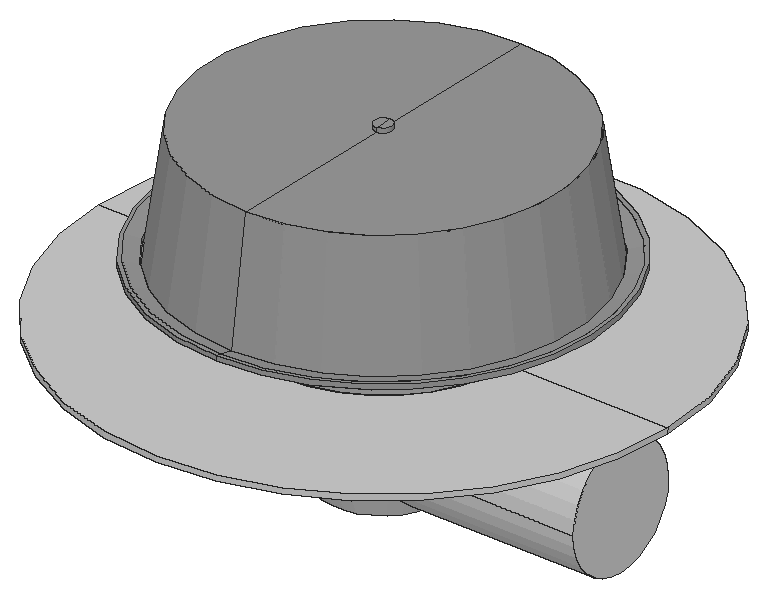
Revit family "HL_RU_Roof drain_HL64PPowerSafe-B-221103", category Instalační zařizovací předměty, Revit 2021
Family settings
  Kóta kulaté spojky = Použít průměr
  Typ dílu = Normální
  Číslo OmniClass = 23.70.50.21.24.14
  Nadpis OmniClass = Deck Waste Water Drains
  Založené na pracovní rovině = Ne
  Vždy vertikální = Ano
  Ořezat dutým tvarem při načtení = Ne
  Sdílené = Ne
  Bod výpočtu místnosti = Ano
Parameters (values of type "HL_Кровельная воронка_HL64PPowerSafe")
  РЕШЁТКА = "Laubfangkorb d 262 mm"
  РАЗМЕР = "DN75"
  ПРОПУСКНАЯ СПОСОБНОСТЬ [instance] = 0.0 L/s
  ПРОИЗВОДИТЕЛЬНОСТЬ = "l/s"
  ПРАВОВАЯ ИНФОРМАЦИЯ = "Авторские права(©), права на дизайн или какие либо другие права интелектуальной собственности являются исключительной собственностью компании HL Hutterer & Lechner. Изменению не подлежит. Файл семейства с данными о прозводителе изделия защищен паролем с водяным знаком."
  НОМИНАЛЬНЫЙ ДИАМЕТР = 75 mm
  МАТЕРИАЛ = "PP/PVC"
  ВЫСОТА МОНТАЖА = "93 mm"
  ВЕС = "3,284 [kg]"
  Výchozí výška = 0 mm
  Výrobce = "HL Hutterer & Lechner GmbH"  # constant formula
  URL = "http://www.hutterer-lechner.com/ru/products/catalog/roof-drains/HL64PPowerSafe.aspx"
  Материал плитка [instance] = none
  Přípoj ventilace = no
  Přípoj odpadních dílů = yes
  Přípoj HW = no
  Přípoj CW = no
  Popis = "Кровельные воронки"
  Model = "HL64PPowerSafe"
  Komentáře k typům = "HL64PPowerSafe, Воронка для аварийного водостока с отсекателем воздуха, с горизонтальным выпуском DN75, с корпусом из ПВХ, с возможностью регулировки толщины слоя воды."
  Keynote = "HL64PPowerSafe"
  EAN = "9003076040889"
  Bысота монтажа [instance] = 28 mm  # constant formula
  G [instance] = 90.00°  # constant formula
  D [instance] = 150 mm
  C [instance] = if(Bысота монтажа - 68 mm < 0 mm, 0 mm, Bысота монтажа - 68 mm)  # 0 mm
  B [instance] = Bысота монтажа + 55 mm  # 83 mm
  A [instance] = if(B - 100 mm > 15 mm, B - 100 mm, 15 mm)  # 15 mm
Reference planes
  plane 1 "Center (Front/Back)": y = 0
  plane 2: z = 0
  plane 3 "Center (Left/Right)": x = 0
  plane 4: z = -83
  plane 5: z = -28
Lines and regions (mm)
  model lines, style "InvisibleLines"
    curve 1: line (0, 0, 0) -> (0, 0, 20)
  model lines, style "PlumbingFixtures", detail levels coarse+medium
    curve 2: line (0, 0, -83) -> (0, 0, -68)
    curve 3: line (0, 0, -68) -> (-68, 0, 0)
    curve 4: line (0, 0, -68) -> (68, 0, 0)
    curve 6: line (0, 0, -83) -> (150, 0, -83)
  reference lines, not visible
    curve 5: line (0, 0, -83) -> (150, 0, -83)
  symbolic lines, style "PlumbingFixtures", detail levels coarse+medium
    curve 7: line (-75, 75, 0) -> (75, 75, 0)
    curve 8: line (-75, -75, 0) -> (-75, 75, 0)
    curve 9: line (75, -75, 0) -> (-75, -75, 0)
    curve 10: line (75, 75, 0) -> (75, -75, 0)
    curve 11: line (-75, 75, 0) -> (-145.711, 145.711, 0)
    curve 12: line (75, 75, 0) -> (145.711, 145.711, 0)
    curve 13: line (-75, -75, 0) -> (-145.711, -145.711, 0)
    curve 14: line (75, -75, 0) -> (145.711, -145.711, 0)
  symbolic lines, style "PlumbingFixtures", not visible, detail levels coarse+medium
    curve 15: line (-75, 75, 0) -> (75, 75, 0)
    curve 16: line (-75, -75, 0) -> (-75, 75, 0)
    curve 17: line (75, -75, 0) -> (-75, -75, 0)
    curve 18: line (75, 75, 0) -> (75, -75, 0)
    curve 19: line (-75, 75, 0) -> (-145.711, 145.711, 0)
    curve 20: line (75, 75, 0) -> (145.711, 145.711, 0)
    curve 21: line (-75, -75, 0) -> (-145.711, -145.711, 0)
    curve 22: line (75, -75, 0) -> (145.711, -145.711, 0)
Text (mm)
  text "FLOOR" at (-162.344, 0, -10.979), in view "Drain Construction View"
Dimensions and locks
  "B": plane 2 to plane 4
  "Bысота монтажа": plane 2 to plane 5
  "A": curve 4 to plane 4
  "D": curve 5 to curve 5
  "D": curve 6 to curve 6
  locked: curve 4 to plane 3 "Center (Left/Right)" (angle 45.00°)
  locked: plane 3 "Center (Left/Right)" to curve 3 (angle 45.00°)
  "G": angle curve 5 to plane 3 "Center (Left/Right)"
  aligned and locked: level to plane 2
  aligned and locked: plane 2 to curve 4
  aligned and locked: plane 2 to curve 3
  aligned and locked: plane 4 to curve 5
  aligned and locked: plane 3 "Center (Left/Right)" to curve 5
  aligned and locked: plane 4 to curve 2
  aligned and locked: plane 4 to curve 6
  aligned and locked: nested 1 to plane 5
  aligned and locked: plane 2 to nested 2
  aligned and locked: plane 3 "Center (Left/Right)" to nested 2
  aligned and locked: plane 3 "Center (Left/Right)" to nested 1
Automatic sketch dimensions
  curve 2 to plane 3 "Center (Left/Right)" = 0 mm
  curve 1 to plane 3 "Center (Left/Right)" = 0 mm
  curve 1 to level = 0 mm
  level to curve 1 = 20 mm
  curve 6 to curve 5 = 0 mm
Nested families
  nested 1: "HL_кровельные воронки - корпус_HL64PPowerSafe" at (0, 0, -28), type "HL_кровельные воронки - корпус_HL64PPowerSafe"
  nested 2: "HL_Вспомогательные материалы-Противопожарная защита_HL062.1EPowerSafe" at (0, 0, 0), Bысота монтажа <- "Bысота монтажа", type "HL_Вспомогательные материалы-Противопожарная защита_HL062.1EPowerSafe"
    with L2 158 mm, L 49 mm, IHmin 28 mm, IHmax 68 mm, Bысота монтажа 28 mm
Connectors
  piping at (150, 0, -83), diameter 75, driven by "ПРОПУСКНАЯ СПОСОБНОСТЬ", driven by "НОМИНАЛЬНЫЙ ДИАМЕТР"
    settings: on curve 5, index 1, connector inside diameter 609.6 mm, connector length 0 mm, flow factor 0, pipe flow 0.0 L/s, pressure drop 0.0 Pa, fitting loss kfactor 0, connector angle 0.00°, fixture units 0, engagement length 0 mm, angle of deflection 0.00°, flow configuration 1, flow direction 2, fitting loss method 0, system type 16, joint type 0, gender type 0, connector reference index -1, connector utility 0, adjustable connector yes, is connector primary yes, connector description ""
Definition of nested family "HL_кровельные воронки - корпус_HL64PPowerSafe"
  Parameters (values of type "HL_кровельные воронки - корпус_HL64PPowerSafe")
    НОМИНАЛЬНЫЙ ДИАМЕТР = 50 mm
    Default Elevation = 0 mm
    Manufacturer = ""
    URL = ""
    Description = ""
    Model = ""
    Type Comments = ""
    Cost = 0
  Reference planes
    plane 1 "Střed (vpředu/vzadu)": y = 0
    plane 2: z = 0
    plane 3 "Střed (vlevo/vpravo)": x = 0
  Forms (mm)
    Revolve 1, solid, detail levels fine
      sketch origin (0, 0, 0) x (1, 0, 0) y (0, 0, 1)
        loop
          line (-180, -3.5) -> (-83.977, -3.5) -> (-83.977, -35) -> (-66.988, -35) -> (-36.415, -92.5) -> (0, -92.5) -> (0, -70.973) -> (-44.124, -70.973) -> (-65.112, -31.5) -> (-79.177, -31.5) -> (-79.177, 0) -> (-180, 0) -> (-180, -3.5)
        axis (0, 0) -> (0, -92.5)
      angle from 0 to 360
    Extrusion 2, solid, detail levels fine
      sketch origin (0, 0, 0) x (0, 1, 0) y (0, 0, 1)
        loop
          circle (0, -55) r 37.5
      from 0 to 150
    Revolve 3, void
      sketch origin (0, 0, 0) x (1, 0, 0) y (0, 0, 1)
        loop
          line (-79.203, 0) -> (-79.203, -31.5) -> (-65.112, -31.5) -> (-44.124, -70.973) -> (0, -70.973) -> (0, 0) -> (-79.203, 0)
        axis (0, 0) -> (0, -70.973)
      angle from 0 to 360
  Cuts and joins
    Revolve 3 cuts Extrusion 2
  Dimensions and locks
    aligned and locked: level to plane 2
Definition of nested family "HL_Вспомогательные материалы-Противопожарная защита_HL062.1EPowerSafe"
  Parameters (values of type "HL_Вспомогательные материалы-Противопожарная защита_HL062.1EPowerSafe")
    РЕШЁТКА = "Laubfangkorb d 262 mm"
    ПРАВОВАЯ ИНФОРМАЦИЯ = "Авторские права(©), права на дизайн или какие либо другие права интелектуальной собственности являются исключительной собственностью компании HL Hutterer & Lechner. Изменению не подлежит. Файл семейства с данными о прозводителе изделия защищен паролем с водяным знаком."
    МАТЕРИАЛ = "PP"
    ВЕС = "1,289 [kg]"
    Default Elevation = 0 mm
    Manufacturer = "HL Hutterer & Lechner GmbH"
    URL = "http://www.hutterer-lechner.com/ru/products/catalog/roof-drains/HL062.1EPowersafe.aspx"
    Материал плитка = none
    Description = "Кровельные воронки"
    Model = "HL062.1EPowerSafe"
    L2 [instance] = 158 mm
    L [instance] = if(Bысота монтажа < IHmin, -100 mm, if(Bысота монтажа > IHmax, -100 mm, Bысота монтажа + 21 mm))  # 49 mm
    Type Comments = "HL062.1EPowerSafe, Вставка в воронку для аварийного водоотведения"
    Keynote = "HL062.1EPowerSafe"
    Bысота монтажа [instance] = 28 mm
    IHmin [instance] = 28 mm
    IHmax [instance] = 68 mm
    EAN = "9003076040568"
    Cost = 0
  Reference planes
    plane 1 "Střed (vpředu/vzadu)": y = 0
    plane 2: z = 0
    plane 3 "Střed (vlevo/vpravo)": x = 0
  Forms (mm)
    Revolve 1, solid, detail levels fine
      sketch origin (0, 0, 0) x (0, 1, 0) y (0, 0, 1)
        loop
          line (0, -66.5) -> (62.442, -66.5) -> (64.508, -64.434) -> (64.508, -0.792) -> (68.942, 3.642) -> (119.719, 3.642) -> (108.539, 78.674) -> (5.325, 78.674) -> (5.325, 81.183) -> (0, 81.183) -> (0, -66.5)
        axis (0, 81.183) -> (0, -66.5)
      angle from 0 to 360
    Revolve 2, solid, detail levels fine
      sketch origin (0, 68.849, -57.5) x (0, -1, 0) y (0, 0, -1)
        loop
          line (4.265, -44.566) -> (4.265, 0) -> (0, 0) -> (0, -3.5) -> (-5.643, -3.5) -> (-10.659, -10.663) -> (-10.659, -29.5) -> (-0.659, -29.5) -> (-0.659, -44.566) -> (4.265, -44.566)
        axis (68.849, -44.566) -> (68.849, 0)
      angle from 0 to 360
    Revolve 3, solid, detail levels fine
      sketch origin (0, 0, 0) x (0, 1, 0) y (0, 0, 1)
        loop
          line (64.584, -4.434) -> (65.451, -4.434) -> (69.885, 0) -> (124.039, 0) -> (124.771, 2.936) -> (131.655, 4.399) -> (131.655, 7.41) -> (129.286, 7.41) -> (120.568, 5.557) -> (120.568, 3.642) -> (69.732, 3.642) -> (64.584, -0.993) -> (64.584, -4.434)
        axis (0, 7.41) -> (0, -4.434)
      angle from 0 to 360
  Lines and regions (mm)
    reference lines
      curve 1: line (0, 68.849, -49) -> (0, -216.151, -49)
  Dimensions and locks
    "L": curve 1 to plane 2
    aligned and locked: level to plane 2
  Automatic sketch dimensions
    Revolve 2 sketch curve to curve 1 = 8.5 mm
    Revolve 2 sketch curve to curve 1 = 0 mm
    curve 1 to Revolve 2 sketch curve = 5 mm
    Revolve 2 sketch curve to curve 1 = 0.659 mm
    Revolve 2 sketch curve to curve 1 = 5.643 mm
    Revolve 2 sketch curve to Revolve 2 sketch curve = 5.016 mm
    curve 1 to Revolve 2 sketch curve = 4.265 mm
    Revolve 2 sketch curve to Revolve 2 sketch curve = 7.163 mm
    Revolve 2 sketch curve to curve 1 = 21 mm
    Revolve 2 sketch curve to curve 1 = 36.066 mm
    curve 1 to Revolve 2 sketch curve = 68.849 mm
    Revolve 2 sketch curve to curve 1 = 340.5 mm
    curve 1 to Revolve 2 sketch curve = 259.5 mm
    Revolve 1 sketch curve to plane 1 "Střed (vpředu/vzadu)" = 0 mm  (x2)
    Revolve 1 sketch curve to plane 1 "Střed (vpředu/vzadu)" = 5.325 mm
    Revolve 1 sketch curve to plane 1 "Střed (vpředu/vzadu)" = 62.442 mm
    Revolve 1 sketch curve to level = 0.792 mm
    Revolve 1 sketch curve to plane 1 "Střed (vpředu/vzadu)" = 64.508 mm
    Revolve 1 sketch curve to Revolve 1 sketch curve = 4.434 mm
    Revolve 1 sketch curve to Revolve 1 sketch curve = 39.597 mm
    Revolve 1 sketch curve to Revolve 1 sketch curve = 63.642 mm
    Revolve 1 sketch curve to Revolve 1 sketch curve = 2.066 mm
    level to Revolve 1 sketch curve = 78.674 mm
    Revolve 1 sketch curve to Revolve 1 sketch curve = 2.51 mm
    Revolve 1 sketch curve to Revolve 1 sketch curve = 50.777 mm
    level to Revolve 1 sketch curve = 3.642 mm
    Revolve 1 sketch curve to Revolve 1 sketch curve = 10 mm
    Revolve 1 sketch curve to Revolve 1 sketch curve = 25 mm
    level to Revolve 3 sketch curve = 0 mm
    Revolve 3 sketch curve to level = 4.434 mm
    Revolve 3 sketch curve to plane 1 "Střed (vpředu/vzadu)" = 65.451 mm
    level to Revolve 3 sketch curve = 3.642 mm
    Revolve 3 sketch curve to Revolve 3 sketch curve = 4.28 mm
    Revolve 3 sketch curve to Revolve 3 sketch curve = 0.154 mm
    level to Revolve 3 sketch curve = 5.557 mm
    Revolve 3 sketch curve to Revolve 3 sketch curve = 50.836 mm
    Revolve 3 sketch curve to Revolve 3 sketch curve = 3.471 mm
    level to Revolve 3 sketch curve = 2.936 mm
    Revolve 3 sketch curve to Revolve 3 sketch curve = 0.732 mm
    level to Revolve 3 sketch curve = 7.41 mm
    Revolve 3 sketch curve to Revolve 3 sketch curve = 4.515 mm
    Revolve 3 sketch curve to Revolve 3 sketch curve = 2.369 mm
    Revolve 3 sketch curve to Revolve 3 sketch curve = 3.011 mm
    Revolve 3 sketch curve to Revolve 3 sketch curve = 0.867 mm
    Revolve 3 sketch curve to level = 0.993 mm
    plane 1 "Střed (vpředu/vzadu)" to curve 1 = 216.151 mm
    curve 1 to plane 1 "Střed (vpředu/vzadu)" = 68.849 mm
